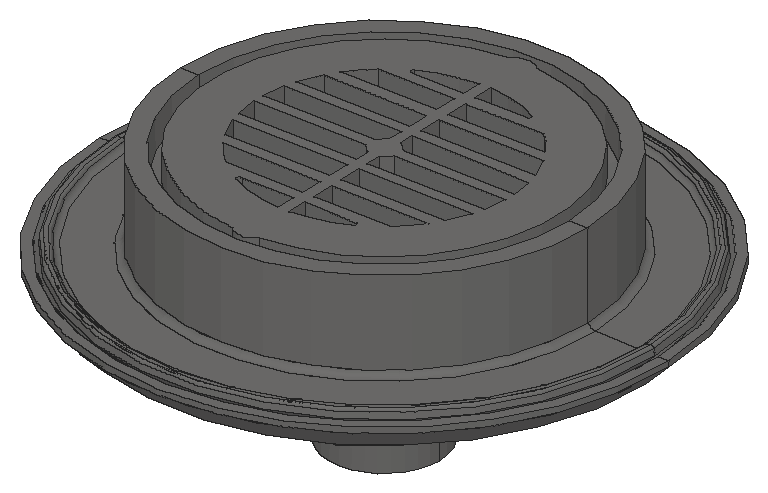
Revit family "Floor_Drain-Josam-Super-Flo-9in-Round-Top-with-C-I-32100", category Plumbing Fixtures, Revit 2012
Parameters (values of type "2In Diameter")
  URL = "http://www.josam.com/catalog/JOS/pl=F/32100"
  Product Type = "Round Top"  # constant formula
  Product Page URL = "http://www.josam.com/catalog/line/F"
  Product Line = "Josam"  # constant formula
  Pipe Size Radius = Pipe Size Diameter / 2  # 1"
  Pipe Size Diameter = 2"
  Pipe Size = Pipe Size Diameter  # 2"
  Unit = Metal - Josam - Anodized- Dark Bronze Satin
  Model = "32100"  # constant formula
  Manufacturer Toll Free Phone = "800-365-6726"  # constant formula
  Manufacturer Phone = "800-365-6726"  # constant formula
  Manufacturer Fax = "800-627-0008"  # constant formula
  Manufacturer Email = "custserv@josam.com"
  Manufacturer Address = "525 W. US Hwy 20, Michigan City, IN 46360"  # constant formula
  Manufacturer = "Josam Company"  # constant formula
  Description = "Floor drain - cast iron"  # constant formula
  Default Elevation = 48"
  D Radius = D Diameter / 2  # 4 1/2"
  D Diameter = 9"
  Subcategory = "Floor Drain"  # constant formula
  Assembly Code = ""
  95 CSI = ""
  04 CSI = "22 40 00"  # constant formula
Types (3): name | Pipe Size Radius | Pipe Size Diameter | Pipe Size
  2In Diameter | 1" | 2" | 2"
  3In Diameter | 1 1/2" | 3" | 3"
  4In Diameter | 2" | 4" | 4"
Reference planes (in)
  plane 1 "Center (Front/Back)": y = 0
  plane 2: z = 0
  plane 3 "Center (Left/Right)": x = 0.28125
  plane 4: x = -4.21875
  plane 5: x = 4.78125
  plane 6: z = -5.75
  plane 7: z = -1.87544
  plane 8: x = 1.28125
  plane 9: x = -0.71875
  plane 10: z = -0.49728
Dimensions and locks (in)
  "D Diameter": plane 5 to plane 4
  equal spacing: plane 8, plane 3 "Center (Left/Right)", plane 9
  "Pipe Size": plane 8 to plane 9
  level to plane 6 = 5 3/4"
  aligned and locked: level to plane 2
  aligned and locked: plane 1 "Center (Front/Back)" to nested 1
Nested families (in)
  nested 1: "32100" at (0, 0, -0.125), type "32100"
Connectors (in)
  piping at (0.28125, 0, -5.75), driven by "Pipe Size Radius"
    settings: on nested 1, index 1, connector radius 1", flow factor 0, pipe flow 0 GPM, pressure drop 0.00 psi, fitting loss kfactor 0, connector angle 0.00°, fixture units 0, engagement length 0", flow configuration 0, flow direction 0, fitting loss method 0, system type 16, joint type 0, gender type 0, connector reference index -1, connector utility 0, adjustable connector no, is connector primary yes, fitting loss table "", connector description ""
Definition of nested family "32100"
  Parameters (values of type "32100")
    X = 5 3/4"
    URL = ""
    Pipe Size Radius = Pipe Size Diameter / 2  # 1"
    Pipe Size Diameter = 2"
    Pipe Size = Pipe Size Diameter  # 2"
    Unit = Metal - Josam - Anodized- Dark Bronze Satin
    Model = ""
    Manufacturer = ""
    Description = ""
    D Radius = D Diameter / 2  # 4 1/2"
    D Diameter = 9"
    Assembly Code = "D2030300"
  Reference planes (in)
    plane 1 "Center (Front/Back)": y = 0
    plane 2: z = 0
    plane 3 "Center (Left/Right)": x = 0.28125
    plane 4: x = -4.21875
    plane 5: x = 4.78125
    plane 6: z = 0.125
    plane 7: z = -5.625
    plane 8: z = -1.87544
    plane 9: x = 1.28125
    plane 10: x = -0.71875
    plane 11: z = -0.49728
  Forms (in)
    Revolve 1, solid, material "Metal - Josam - Anodized- Dark Bronze Satin" <- "Unit", detail levels fine
      sketch origin (0, 0, -5.54688) x (1, 0, 0) y (0, 0, 1)
        loop
          line (5.05187, 3.1425) -> (5.41627, 3.1425)
          arc (5.41627, 3.1425) -> (5.71397, 2.95349) -> (6.05812, 3.03034) r 0.46073
          line (6.05812, 3.03034) -> (6.56625, 3.53847) -> (6.56625, 3.67144) -> (6.34721, 3.67144) -> (5.98264, 3.30687)
          arc (5.98264, 3.30687) -> (5.85054, 3.25219) -> (5.7185, 3.307) r 0.18668
          line (5.7185, 3.307) -> (5.63408, 3.39141) -> (4.69842, 3.39141)
          arc (4.69842, 3.39141) -> (4.61076, 3.35531) -> (4.57396, 3.26794) r 0.12446
          arc (4.57396, 3.26794) -> (4.54633, 3.10828) -> (4.46889, 2.96594) r 0.49782
          line (4.46889, 2.96594) -> (4.83798, 2.96594)
          arc (4.83798, 2.96594) -> (4.91319, 3.09266) -> (5.05187, 3.1425) r 0.21784
        axis (0.28125, 2.96594) -> (0.28125, 3.67144)
      angle from 0 to 360
    Revolve 2, solid, material "Metal - Josam - Anodized- Dark Bronze Satin" <- "Unit", detail levels fine
      sketch origin (0, 0, -5.67188) x (1, 0, 0) y (0, 0, 1)
        loop
          arc (-5.46481, 3.91069) -> (-5.48638, 3.94661) -> (-5.52583, 3.96072) r 0.06223
          line (-5.52583, 3.96072) -> (-5.60879, 3.96072)
          arc (-5.60879, 3.96072) -> (-5.64903, 3.94595) -> (-5.67018, 3.90866) r 0.06223
          line (-5.67018, 3.90866) -> (-5.69262, 3.77404) -> (-5.39814, 3.47956)
          arc (-5.39814, 3.47956) -> (-5.28814, 3.43399) -> (-5.17813, 3.47956) r 0.15557
          line (-5.17813, 3.47956) -> (-5.11968, 3.53801)
          arc (-5.11968, 3.53801) -> (-5.09126, 3.55158) -> (-5.06011, 3.55624) r 0.10646
          line (-5.06011, 3.55624) -> (-3.91912, 3.55624) -> (-3.86417, 4.67422)
          arc (-3.86417, 4.67422) -> (-3.81606, 4.77925) -> (-3.70879, 4.82215) r 0.15557
          line (-3.70879, 4.82215) -> (-2.98571, 4.82215) -> (-2.98571, 5.06962) -> (-3.53928, 5.06962) -> (-3.79467, 5.1754) -> (-3.81678, 5.79687) -> (-4.21875, 5.79687) -> (-4.21875, 3.92531)
          arc (-4.21875, 3.92531) -> (-4.28065, 3.83843) -> (-4.382, 3.80515) r 0.17098
          line (-4.382, 3.80515) -> (-5.34168, 3.80515)
          arc (-5.34168, 3.80515) -> (-5.42058, 3.83336) -> (-5.46371, 3.9052) r 0.12446
        axis (0.28125, 5.79687) -> (0.28125, 3.47956)
      angle from 0 to 360
    Extrusion 3, solid, material "Metal - Josam - Anodized- Dark Bronze Satin" <- "Unit", detail levels fine
      sketch origin (0, 0, 0) x (1, 0, 0) y (0, 1, 0)
        loop
          arc (0.57094, 3.82135) -> (0.28423, 3.96038) -> (-0.00468, 3.82596) r 0.37129
          arc (-0.00468, 3.82596) -> (-3.55538, 0) -> (-0.00468, -3.82596) r 3.83663
          arc (-0.00468, -3.82596) -> (0.28423, -3.96038) -> (0.57094, -3.82135) r 0.37129
          arc (0.57094, -3.82135) -> (4.11356, 0) -> (0.57094, 3.82135) r 3.83231
        loop
          arc (-0.97941, -2.35149) -> (-1.03984, -2.38766) -> (-1.03652, -2.45802) r 0.06858
          arc (-1.03652, -2.45802) -> (-0.45588, -2.6898) -> (0.16181, -2.78642) r 2.78897
          line (0.16181, -2.78642) -> (0.16181, -2.35149) -> (-0.97941, -2.35149)
        loop
          line (1.5419, -2.35149) -> (0.40069, -2.35149) -> (0.40069, -2.78642)
          arc (0.40069, -2.78642) -> (1.01837, -2.6898) -> (1.59902, -2.45802) r 2.78897
          arc (1.59902, -2.45802) -> (1.60234, -2.38766) -> (1.5419, -2.35149) r 0.06858
        loop
          line (0.15749, -2.10396) -> (0.15749, -1.60891) -> (-1.99686, -1.60891)
          arc (-1.99686, -1.60891) -> (-1.78805, -1.86986) -> (-1.54952, -2.10396) r 2.78897
          line (-1.54952, -2.10396) -> (0.15749, -2.10396)
        loop
          line (0.40501, -1.60891) -> (0.40501, -2.10396) -> (2.11202, -2.10396)
          arc (2.11202, -2.10396) -> (2.35055, -1.86986) -> (2.55936, -1.60891) r 2.78897
          line (2.55936, -1.60891) -> (0.40501, -1.60891)
        loop
          arc (-2.36976, -0.86634) -> (-2.27334, -1.11913) -> (-2.15288, -1.36139) r 2.78897
          line (-2.15288, -1.36139) -> (0.15749, -1.36139) -> (0.15749, -0.86634) -> (-2.36976, -0.86634)
        loop
          line (0.40501, -0.86202) -> (0.40501, -1.36139) -> (2.71538, -1.36139)
          arc (2.71538, -1.36139) -> (2.83675, -1.11705) -> (2.93366, -0.86202) r 2.78897
          line (2.93366, -0.86202) -> (0.40501, -0.86202)
        loop
          line (-0.03077, -0.11944) -> (-2.50517, -0.11944)
          arc (-2.50517, -0.11944) -> (-2.48299, -0.37064) -> (-2.43821, -0.61881) r 2.78897
          line (-2.43821, -0.61881) -> (0.16181, -0.61881) -> (0.16181, -0.31201) -> (-0.03077, -0.11944)
        loop
          line (0.59326, -0.11944) -> (0.40069, -0.31201) -> (0.40069, -0.61881) -> (3.00071, -0.61881)
          arc (3.00071, -0.61881) -> (3.04548, -0.37064) -> (3.06766, -0.11944) r 2.78897
          line (3.06766, -0.11944) -> (0.59326, -0.11944)
        loop
          line (-0.97941, 2.35149) -> (0.16181, 2.35149) -> (0.16181, 2.78642)
          arc (0.16181, 2.78642) -> (-0.45588, 2.6898) -> (-1.03652, 2.45802) r 2.78897
          arc (-1.03652, 2.45802) -> (-1.03984, 2.38766) -> (-0.97941, 2.35149) r 0.06858
        loop
          arc (1.5419, 2.35149) -> (1.60234, 2.38766) -> (1.59902, 2.45802) r 0.06858
          arc (1.59902, 2.45802) -> (1.01837, 2.6898) -> (0.40069, 2.78642) r 2.78897
          line (0.40069, 2.78642) -> (0.40069, 2.35149) -> (1.5419, 2.35149)
        loop
          line (0.15749, 2.10396) -> (-1.54952, 2.10396)
          arc (-1.54952, 2.10396) -> (-1.78805, 1.86986) -> (-1.99686, 1.60891) r 2.78897
          line (-1.99686, 1.60891) -> (0.15749, 1.60891) -> (0.15749, 2.10396)
        loop
          line (0.40501, 1.60891) -> (2.55936, 1.60891)
          arc (2.55936, 1.60891) -> (2.35055, 1.86986) -> (2.11202, 2.10396) r 2.78897
          line (2.11202, 2.10396) -> (0.40501, 2.10396) -> (0.40501, 1.60891)
        loop
          line (-2.36976, 0.86634) -> (0.15749, 0.86634) -> (0.15749, 1.36139) -> (-2.15288, 1.36139)
          arc (-2.15288, 1.36139) -> (-2.27334, 1.11913) -> (-2.36976, 0.86634) r 2.78897
        loop
          line (0.40501, 0.86202) -> (2.93366, 0.86202)
          arc (2.93366, 0.86202) -> (2.83675, 1.11705) -> (2.71538, 1.36139) r 2.78897
          line (2.71538, 1.36139) -> (0.40501, 1.36139) -> (0.40501, 0.86202)
        loop
          line (-0.03077, 0.11944) -> (0.16181, 0.31201) -> (0.16181, 0.61881) -> (-2.43821, 0.61881)
          arc (-2.43821, 0.61881) -> (-2.48299, 0.37064) -> (-2.50517, 0.11944) r 2.78897
          line (-2.50517, 0.11944) -> (-0.03077, 0.11944)
        loop
          line (0.59326, 0.11944) -> (3.06766, 0.11944)
          arc (3.06766, 0.11944) -> (3.04548, 0.37064) -> (3.00071, 0.61881) r 2.78897
          line (3.00071, 0.61881) -> (0.40069, 0.61881) -> (0.40069, 0.31201) -> (0.59326, 0.11944)
      from -0.49728 to 0.125
    Revolve 4, solid, material "Metal - Josam - Anodized- Dark Bronze Satin" <- "Unit", detail levels fine
      sketch origin (0, 0, 0) x (1, 0, 0) y (0, 0, 1)
        loop
          line (1.55954, -3.90883) -> (1.70142, -3.72208) -> (4.50726, -2.89624)
          arc (4.50726, -2.89624) -> (4.70204, -2.76945) -> (4.83798, -2.58093) r 0.63345
          line (4.83798, -2.58093) -> (4.44829, -2.58093)
          arc (4.44829, -2.58093) -> (4.35715, -2.67107) -> (4.24602, -2.73499) r 0.49782
          line (4.24602, -2.73499) -> (1.64212, -3.47722) -> (1.28125, -3.90651) -> (1.28125, -5.625) -> (1.5146, -5.625) -> (1.55967, -3.90388)
        axis (0.28125, -5.625) -> (0.28125, -2.58093)
      angle from 0 to 360
  Lines and regions (in)
    Masking region 1, detail levels fine
      outline origin (-4.51835, -180, 0.25) x (-1, 0, 0) y (0, -1, 0)
        loop
          circle (-4.7996, -180) r 6.285
    model lines, detail levels coarse+medium
      curve 1: line (-4.21875, 0, 0.125) -> (4.78125, 0, 0.125)
      curve 2: line (1.28125, 0, -5.625) -> (-0.71875, 0, -5.625)
      curve 3: line (0.28125, 0, -5.625) -> (0.28125, 0, 0.125)
    symbolic lines, detail levels fine
      curve 4: circle (0.28125, 0, 0) r 4.5 normal (0, 0, 1)
  Dimensions and locks (in)
    "D Diameter": plane 5 to plane 4
    locked: Revolve 2 sketch curve to Revolve 2 sketch curve at 0.52556
    locked: Revolve 2 sketch curve to Revolve 2 sketch curve at 0.33045
    Revolve 2 sketch curve to Revolve 2 sketch curve = 1.87156"
    locked: Revolve 2 sketch curve to Revolve 2 sketch curve at 0.24747
    Revolve 1 sketch curve to Revolve 1 sketch curve to Revolve 1 sketch curve to Revolve 1 sketch curve to Revolve 1 sketch curve to Revolve 1 sketch curve to Revolve 1 sketch curve to Revolve 1 sketch curve to Revolve 1 sketch curve to Revolve 1 sketch curve = 0.13297" locked, 0.14705" locked, 0" locked, 0.08455" locked, 0.16436" locked, 0" locked, 0.11216" locked, 0.06439" locked, 0" locked
    "D Radius": Revolve 2 sketch curve to plane 3 "Center (Left/Right)"
    locked: plane 6 to level at 0.125
    "X": plane 6 to plane 7
    plane 6 to plane 8 = 2.00044"
    equal spacing: plane 9, plane 3 "Center (Left/Right)", plane 10
    "Pipe Size": plane 9 to plane 10
    locked: Revolve 2 to plane 11 at 0.62228
    equal spacing: curve 2, plane 3 "Center (Left/Right)", curve 2
    "Pipe Size Radius": curve 2 to plane 3 "Center (Left/Right)"
    equal spacing: curve 1, plane 3 "Center (Left/Right)", curve 1
    "D Radius": curve 1 to plane 3 "Center (Left/Right)"
    locked: Revolve 4 sketch curve to Revolve 4 sketch curve at 0.23335
    locked: Revolve 4 sketch curve to Revolve 4 sketch curve at 0.2783
    "Pipe Size Radius": Revolve 4 sketch curve to plane 3 "Center (Left/Right)"
    aligned and locked: level to plane 2
    aligned and locked: plane 6 to Extrusion 3
    aligned and locked: plane 6 to curve 3
    aligned and locked: plane 7 to curve 3
    aligned and locked: curve 2 to Revolve 4 sketch curve
    aligned and locked: Revolve 4 sketch curve to curve 3
  Automatic sketch dimensions
    Revolve 1 sketch curve to level = 5 35/64"
    Revolve 1 sketch curve to plane 3 "Center (Left/Right)" = 0"
    Revolve 1 sketch curve to Revolve 1 sketch curve = 0.39273"
    Revolve 1 sketch curve to Revolve 1 sketch curve = 0.10508"
    Revolve 1 sketch curve to Revolve 1 sketch curve = 0"  (x3)
    Revolve 1 sketch curve to Revolve 1 sketch curve = 0.13956"
    Revolve 1 sketch curve to Revolve 1 sketch curve = 0.36441"
    Revolve 1 sketch curve to Revolve 1 sketch curve = 0.08442"  (x2)
    Revolve 1 sketch curve to Revolve 1 sketch curve = 0.07478"
    Revolve 1 sketch curve to Revolve 1 sketch curve = 0.05735"
    Revolve 1 sketch curve to Revolve 1 sketch curve = 0.132"
    Revolve 1 sketch curve to Revolve 1 sketch curve = 0.07549"
    Revolve 1 sketch curve to Revolve 1 sketch curve = 0.36457"
    Revolve 1 sketch curve to Revolve 1 sketch curve = 0.21904"
    Revolve 1 sketch curve to level = 4 35/64"
    Revolve 1 sketch curve to Revolve 1 sketch curve = 0.04129"
    Revolve 2 sketch curve to plane 3 "Center (Left/Right)" = 0"
    Revolve 2 sketch curve to Revolve 2 sketch curve = 0.55357"
    Revolve 2 sketch curve to Revolve 2 sketch curve = 0.16951"
    Revolve 2 sketch curve to Revolve 2 sketch curve = 0.25539"
    Revolve 2 sketch curve to Revolve 2 sketch curve = 0.02211"
    Revolve 2 sketch curve to Revolve 2 sketch curve = 0.15538"
    Revolve 2 sketch curve to Revolve 2 sketch curve = 0"  (x2)
    Revolve 2 sketch curve to Revolve 2 sketch curve = 0.05496"
    Revolve 2 sketch curve to Revolve 2 sketch curve = 0.29963"
    Revolve 2 sketch curve to Revolve 2 sketch curve = 0.16325"
    Revolve 2 sketch curve to Revolve 2 sketch curve = 0.67811"
    Revolve 2 sketch curve to Revolve 2 sketch curve = 0.05957"
    Revolve 2 sketch curve to Revolve 2 sketch curve = 0.05845"
    Revolve 2 sketch curve to Revolve 2 sketch curve = 0.11"  (x3)
    Revolve 2 sketch curve to Revolve 2 sketch curve = 0.05354"
    Revolve 2 sketch curve to Revolve 2 sketch curve = 0.0011"
    Revolve 2 sketch curve to Revolve 2 sketch curve = 0.06102"
    Revolve 2 sketch curve to Revolve 2 sketch curve = 0.08295"
    Revolve 2 sketch curve to Revolve 2 sketch curve = 0.06139"
    Revolve 2 sketch curve to Revolve 2 sketch curve = 0.02244"
    Revolve 2 sketch curve to Revolve 2 sketch curve = 0.00671"
    Revolve 2 sketch curve to Revolve 2 sketch curve = 0.01017"
    Revolve 2 sketch curve to Revolve 2 sketch curve = 0.15557"
    Revolve 1 sketch curve to plane 5 = 0.08283"
    Revolve 1 sketch curve to Revolve 1 sketch curve = 0.30101"
    Revolve 1 sketch curve to Revolve 1 sketch curve = 0.10048"
    Revolve 2 sketch curve to level = 1.76668"
    Revolve 2 sketch curve to Revolve 2 sketch curve = 0.12204"
    Revolve 2 sketch curve to level = 1.86673"
    Revolve 2 sketch curve to level = 1.89784"
    Revolve 2 sketch curve to Revolve 2 sketch curve = 0.01823"
    Revolve 2 sketch curve to level = 1.77338"
    Revolve 2 sketch curve to level = 1.50044"
    Revolve 2 sketch curve to Revolve 2 sketch curve = 0.10579"
    Revolve 2 sketch curve to Revolve 2 sketch curve = 0.62147"
    Revolve 2 sketch curve to Revolve 2 sketch curve = 1 1/2"
    Extrusion 3 sketch curve to Extrusion 3 sketch curve = 0"  (x313)
    plane 1 "Center (Front/Back)" to Extrusion 3 sketch curve = 0"
    Extrusion 3 sketch curve to plane 3 "Center (Left/Right)" = 0"  (x3)
    Extrusion 3 sketch curve to plane 3 "Center (Left/Right)" = 0.11944"  (x4)
    Extrusion 3 sketch curve to plane 3 "Center (Left/Right)" = 0.12376"  (x4)
    Extrusion 3 sketch curve to plane 3 "Center (Left/Right)" = 0.28593"  (x2)
    plane 1 "Center (Front/Back)" to Extrusion 3 sketch curve = 0.11944"  (x2)
    Extrusion 3 sketch curve to Extrusion 3 sketch curve = 0.19257"  (x4)
    Extrusion 3 sketch curve to plane 1 "Center (Front/Back)" = 0.11944"  (x2)
    Extrusion 3 sketch curve to Extrusion 3 sketch curve = 1.14121"  (x4)
    Extrusion 3 sketch curve to Extrusion 3 sketch curve = 0.05711"  (x4)
    Extrusion 3 sketch curve to Extrusion 3 sketch curve = 0.57012"  (x4)
    Extrusion 3 sketch curve to Extrusion 3 sketch curve = 0.44734"  (x4)
    Extrusion 3 sketch curve to Extrusion 3 sketch curve = 0.15602"  (x4)
    Extrusion 3 sketch curve to Extrusion 3 sketch curve = 0.21687"  (x2)
    Extrusion 3 sketch curve to Extrusion 3 sketch curve = 0.06845"  (x2)
    Extrusion 3 sketch curve to Extrusion 3 sketch curve = 0.06696"  (x2)
    plane 3 "Center (Left/Right)" to Extrusion 3 sketch curve = 0.11944"  (x4)
    plane 3 "Center (Left/Right)" to Extrusion 3 sketch curve = 0.12376"  (x4)
    plane 3 "Center (Left/Right)" to Extrusion 3 sketch curve = 0.28969"  (x2)
    Extrusion 3 sketch curve to Extrusion 3 sketch curve = 0.21828"  (x2)
    Extrusion 3 sketch curve to Extrusion 3 sketch curve = 0.06704"  (x2)
    Extrusion 3 sketch curve to Extrusion 3 sketch curve = 0.2432"  (x2)
    Extrusion 3 sketch curve to Extrusion 3 sketch curve = 0.24752"  (x9)
    Extrusion 3 sketch curve to Extrusion 3 sketch curve = 0.06858"  (x4)
    Extrusion 3 sketch curve to Extrusion 3 sketch curve = 0.80269"
    Extrusion 3 sketch curve to Extrusion 3 sketch curve = 0.23224"
    Revolve 1 sketch curve to level = 2.62222"
    Revolve 2 sketch curve to plane 6 = 0"
    curve 3 to plane 3 "Center (Left/Right)" = 0"
    plane 1 "Center (Front/Back)" to curve 1 = 0"
    Revolve 4 sketch curve to plane 7 = 0"
    plane 9 to Revolve 4 sketch curve = 0.27829"
    Revolve 4 sketch curve to Revolve 4 sketch curve = 0.00013"
    plane 9 to Revolve 4 sketch curve = 0.36087"
    Revolve 4 sketch curve to Revolve 4 sketch curve = 0.14175"
    Revolve 4 sketch curve to plane 5 = 0.72569"
    Revolve 4 sketch curve to Revolve 4 sketch curve = 0.19045"
    Revolve 4 sketch curve to Revolve 4 sketch curve = 0"
    Revolve 4 sketch curve to Revolve 4 sketch curve = 0.20937"
    Revolve 4 sketch curve to Revolve 4 sketch curve = 0.20228"
    Revolve 4 sketch curve to plane 5 = 0.27399"
    plane 5 to Revolve 4 sketch curve = 0.05673"
    Revolve 4 sketch curve to Revolve 4 sketch curve = 1 1/2"
    plane 7 to Revolve 4 sketch curve = 1.71617"
    Revolve 4 sketch curve to Revolve 4 sketch curve = 0.1818"
    Revolve 4 sketch curve to Revolve 4 sketch curve = 0.24486"
    plane 8 to Revolve 4 sketch curve = 1.02081"
    Revolve 4 sketch curve to Revolve 4 sketch curve = 0.16126"
    Revolve 4 sketch curve to Revolve 4 sketch curve = 0.00003"
    Revolve 4 sketch curve to Revolve 4 sketch curve = 0.15403"
    plane 1 "Center (Front/Back)" to curve 4 = 0"
    curve 4 to plane 3 "Center (Left/Right)" = 0"
    plane 1 "Center (Front/Back)" to Masking region 1 sketch curve = 0"
    Masking region 1 sketch curve to plane 3 "Center (Left/Right)" = 0"
    radius of curve 4 = 4 1/2"
    radius of Masking region 1 sketch curve = 6.285"
